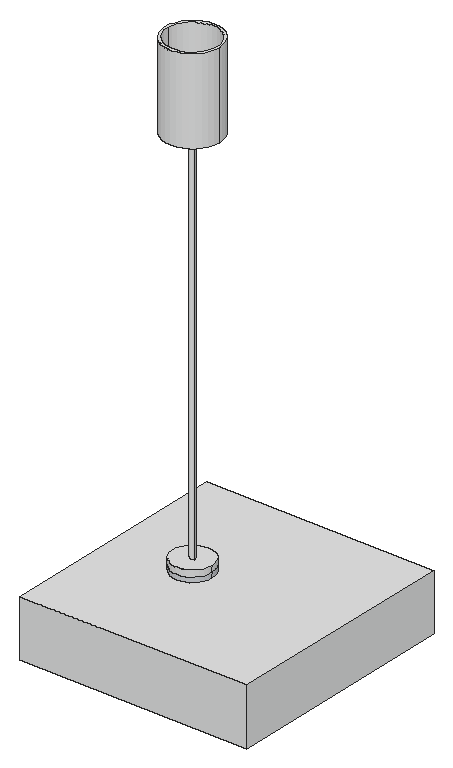
Revit family "Lighting-Surface-Amerlux-Rook-250-Mini-FrameMount-Direct", category Lighting Fixtures, host Face, Revit 2020
Family settings
  Host = Face
  Round Connector Dimension = Use Diameter
  Part Type = Normal
  Cut with Voids When Loaded = No
  Light Source = Yes
  Shared = No
  Room Calculation Point = No
Parameters (values of type "RK250MRD-NC")
  Wattage = 9.2903 W
  built-in parameter 1150110 = 1 (stored number, unit not read)
  Voltage = 0 V
  URL = "http://www.amerlux.com/"
  built-in parameter 1114217 = 1 (stored number, unit not read)
  Tilt Angle = -90.00°
  built-in parameter 1150109 = 1 (stored number, unit not read)
  built-in parameter 1150134 = 3
  Suspension Length [instance] = 2' - 0"
  built-in parameter 1150113 = 1 (stored number, unit not read)
  Power Factor = 1
  Photometric Web File = "Load File"
  Number of Poles = 1
  built-in parameter 1150142 = (empty or 0)
  Model = "Rook 250 Mini"
  Manufacturer = "Amerlux"
  built-in parameter 1150105 = 109.82 (stored number, unit not read)
  Lumens = 1380 lm
  built-in parameter 1150115 = 1 (stored number, unit not read)
  built-in parameter 1150137 = (empty or 0)
  built-in parameter 1150139 = (empty or 0)
  built-in parameter 1150112 = 1 (stored number, unit not read)
  built-in parameter 1150114 = 1 (stored number, unit not read)
  built-in parameter 1150132 = (empty or 0)
  built-in parameter 1150102 = (empty or 0)
  built-in parameter 1150107 = 3200 (stored number, unit not read)
  built-in parameter 1150138 = (empty or 0)
  built-in parameter 1150106 = 1.0982 (stored number, unit not read)
  Height = 0' - 4 5/16"
  Fixture Finish = Aluminum Finish
  Emit from Circle Diameter = 0' - 2 1/2"
  Emit Shape Visible in Rendering = no
  built-in parameter 1150104 = 13.8 (stored number, unit not read)
  Dimming Lamp Color Temperature Shift = <None>
  Description = "Pendant"
  Default Elevation = 4' - 0"
  Color Filter = 16777215
  built-in parameter 1114218 = 1 (stored number, unit not read)
  built-in parameter 1150133 = 10 (stored number, unit not read)
  Apparent Load = 0 VA
Reference planes (in)
  plane 1 "Center (Front/Back)": y = 0
  plane 2: z = 0
  plane 3 "Center (Left/Right)": x = 0
  plane 4: z = 0
  plane 5: z = 24
  plane 6: z = -3.125
  plane 7: z = -0.25
Forms (in)
  Extrusion 1, solid, material "Aluminum Finish"
    sketch origin (0, 0, 0) x (1, 0, 0) y (0, 1, 0)
      loop
        circle (0, 0) r 1.375
    from 19.6875 to 24
  Extrusion 2, solid, material "Aluminum Finish"
    sketch origin (0, 0, 0) x (1, 0, 0) y (0, 1, 0)
      loop
        circle (0, 0) r 0.12492
    from 0 to 19.6875
  Extrusion 3, solid, material "Aluminum Finish"
    sketch origin (0, 0, 0) x (1, 0, 0) y (0, 1, 0)
      loop
        circle (0, 0) r 1
    from 0 to 0.31343
  Extrusion 4, void
    sketch origin (0, 0, 0) x (1, 0, 0) y (0, 1, 0)
      loop
        circle (0, 0) r 1.25
    from 22.12399 to 24
  Extrusion 5, solid, material "Aluminum Finish"
    sketch origin (0, 0, 0) x (1, 0, 0) y (0, 1, 0)
      loop
        line (-4, 5.9375) -> (-4, -5.9375) -> (7.5, -5.9375) -> (7.5, 5.9375) -> (-4, 5.9375)
    from -3.125 to -0.25
  Extrusion 6, solid
    sketch origin (0, 0, 0) x (1, 0, 0) y (0, 1, 0)
      loop
        circle (0, 0) r 1
    from -0.25 to 0
Cuts and joins
  Extrusion 4 cuts Extrusion 2
  Extrusion 4 cuts Extrusion 3
  Extrusion 4 cuts Extrusion 1
Dimensions and locks (in)
  plane 4 to host face = 0' - 0"
  "Height": Extrusion 1 to Extrusion 1
  "Suspension Length": plane 5 to host face
  locked: Extrusion 4 to Extrusion 1 at 1.87601
  locked: Extrusion 5 sketch curve to plane 3 "Center (Left/Right)" at 4
  locked: plane 3 "Center (Left/Right)" to Extrusion 5 sketch curve at 7.5
  locked: Extrusion 5 sketch curve to Extrusion 5 sketch curve at 11.875
  locked: host face to plane 6 at 3.125
  diameter of Extrusion 1 sketch curve = 0' - 2 3/4"
  aligned and locked: plane 2 to host face
  aligned and locked: level to host face
  aligned and locked: plane 3 "Center (Left/Right)" to imposter light
  aligned and locked: imposter light to plane 1 "Center (Front/Back)"
  aligned and locked: plane 5 to Extrusion 1
  aligned and locked: plane 5 to imposter light
  aligned and locked: Extrusion 2 to Extrusion 1
  aligned and locked: Extrusion 2 to level
  aligned and locked: imposter light to Extrusion 4
  aligned and locked: Extrusion 5 to plane 6
  aligned and locked: Extrusion 6 to plane 7
  aligned and locked: level to Extrusion 6
  aligned and locked: Extrusion 5 to Extrusion 6
Automatic sketch dimensions
  host sketch curve to host sketch curve = 8' - 0"  (x2)
  plane 1 "Center (Front/Back)" to Extrusion 1 sketch curve = 0' - 0"
  Extrusion 1 sketch curve to plane 3 "Center (Left/Right)" = 0' - 0"
  plane 1 "Center (Front/Back)" to Extrusion 2 sketch curve = 0' - 0"
  Extrusion 2 sketch curve to plane 3 "Center (Left/Right)" = 0' - 0"
  plane 1 "Center (Front/Back)" to Extrusion 3 sketch curve = 0' - 0"
  Extrusion 3 sketch curve to plane 3 "Center (Left/Right)" = 0' - 0"
  plane 1 "Center (Front/Back)" to Extrusion 4 sketch curve = 0' - 0"
  Extrusion 4 sketch curve to plane 3 "Center (Left/Right)" = 0' - 0"
  Extrusion 5 sketch curve to plane 1 "Center (Front/Back)" = 0' - 5 15/16"
  plane 1 "Center (Front/Back)" to Extrusion 6 sketch curve = 0' - 0"
  Extrusion 6 sketch curve to plane 3 "Center (Left/Right)" = 0' - 0"
  radius of Extrusion 2 sketch curve = 0' - 0.12492"
  radius of Extrusion 3 sketch curve = 0' - 1"
  radius of Extrusion 4 sketch curve = 0' - 1 1/4"
  radius of Extrusion 6 sketch curve = 0' - 1"
Connectors (in)
  electrical at (0, 0, 0), driven by "Number of Poles", driven by "Voltage", driven by "Apparent Load", driven by "Power Factor"
    settings: on cut or joined group of Extrusion 3, Extrusion 4, index 1, voltage 0 V, apparent load 0 VA, apparent load phase1 0 VA, apparent load phase2 0 VA, apparent load phase3 0 VA, power factor 1, load classification "Other", number of poles 1, system type 31, power factor state 1, is connector primary yes, connector utility no, sub classification motor no, connector description ""
